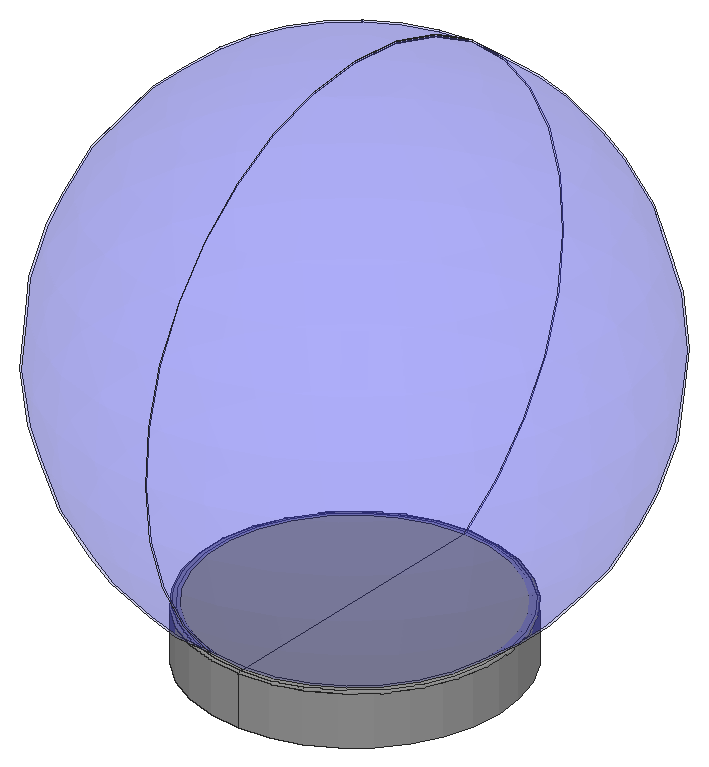
Revit family "50539_BEGA_Revit", category Lighting Fixtures, host Face, Revit 2018
Family settings
  Host = Face
  Round Connector Dimension = Use Diameter
  Part Type = Normal
  Cut with Voids When Loaded = Yes
  Light Source = Yes
  Shared = No
  Room Calculation Point = No
Parameters (values of type "Ceiling and wall luminaire")
  Wattage = 13.3296 W
  built-in parameter 1150110 = 1 (stored number, unit not read)
  URL = "www.bega-us.com"
  built-in parameter 1114217 = 1 (stored number, unit not read)
  Tilt Angle = 180.00°
  built-in parameter 1150109 = 1 (stored number, unit not read)
  built-in parameter 1150134 = 12
  Telephone = "805.684.0533"
  built-in parameter 1150113 = 1 (stored number, unit not read)
  Photometric Web File = "50539K4_BEGA_IES.ies"
  Model = "50539"
  Manufacturer = "BEGA-US"
  built-in parameter 1150105 = 157.56 (stored number, unit not read)
  Lumens = 1980 lm
  built-in parameter 1150115 = 1 (stored number, unit not read)
  built-in parameter 1150137 = (empty or 0)
  built-in parameter 1150139 = (empty or 0)
  built-in parameter 1150112 = 1 (stored number, unit not read)
  built-in parameter 1150114 = 1 (stored number, unit not read)
  Lamp = "8.4W LED"
  built-in parameter 1150132 = 2
  built-in parameter 1150102 = (empty or 0)
  built-in parameter 1150107 = 4000 (stored number, unit not read)
  built-in parameter 1150138 = (empty or 0)
  built-in parameter 1150106 = 1.5756 (stored number, unit not read)
  built-in parameter 1150104 = 13.8 (stored number, unit not read)
  Dimming Lamp Color Temperature Shift = <None>
  Description = "LED ceiling and wall luminaires - impact resistant"
  Default Elevation = 6' - 0"
  Color Filter = 16777215
  built-in parameter 1114218 = 1 (stored number, unit not read)
  built-in parameter 1150133 = 10 (stored number, unit not read)
Types (5): name | Wattage | Tilt Angle | built-in parameter 1150134 | Photometric Web File | Model | built-in parameter 1150105 | Lumens | Lamp | built-in parameter 1150107 | built-in parameter 1150106 | Description
  (no name) | 13.3296 W | 180.00° | 12 | "50539K4_BEGA_IES.ies" | "50539" | 157.56 (stored number, unit not read) | 1980 lm | "8.4W LED" | 4000 (stored number, unit not read) | 1.5756 (stored number, unit not read) | "LED ceiling and wall luminaires - impact resistant"
  Wall Luminaires - Directed Light | 18.4392 W | 90.00° | (empty or 0) | "generic" | "2260LED" | 217.96 (stored number, unit not read) | 2739 lm | "44.6W LED" | 3000 (stored number, unit not read) | 2.1796 (stored number, unit not read) | "Surface wall with cutoff optics"
  Wall Luminaires - Linear | 9.92985 W | 90.00° | 9 | "generic" | "4425P" | 117.38 (stored number, unit not read) | 1475 lm | "(1) 39W CF twin-4-p" | 3450 (stored number, unit not read) | 1.1738 (stored number, unit not read) | "Suface wall - linear with white acrylic diffuser"
  Ceiling and Wall Luminaires - Unshielded | 2.66591 W | 90.00° | (empty or 0) | "33508.ies" | "33 508" | 31.513 (stored number, unit not read) | 396 lm | "8.4W LED" | 3000 (stored number, unit not read) | 0.31513 (stored number, unit not read) | "LED ceiling and wall luminaires - impact resistant"
  Ceiling and wall luminaire | 13.3296 W | 180.00° | 12 | "50539K4_BEGA_IES.ies" | "50539" | 157.56 (stored number, unit not read) | 1980 lm | "8.4W LED" | 4000 (stored number, unit not read) | 1.5756 (stored number, unit not read) | "LED ceiling and wall luminaires - impact resistant"
Reference planes (in)
  plane 1 "Center (Front/Back)": y = 0
  plane 2: z = 0
  plane 3 "Center (Left/Right)": x = 0
Dimensions and locks (in)
  aligned and locked: plane 2 to host face
  aligned and locked: level to host face
Nested families (in)
  nested 1: "Generic Model_2020" at (0, 0, 0), type "Generic Model_2020"
Connectors (in)
  electrical at (0, 0, 0)
    settings: on host face, index 1, voltage 0 V, apparent load 0 VA, apparent load phase1 0 VA, apparent load phase2 0 VA, apparent load phase3 0 VA, power factor 1, load classification "Other", number of poles 1, system type 31, power factor state 1, is connector primary yes, connector utility no, sub classification motor no, connector description ""
Definition of nested family "Generic Model_2020"
  Parameters (values of type "Generic Model_2020")
    Default Elevation = 4' - 0"
  Reference planes (in)
    plane 1 "Center (Front/Back)": y = 0
    plane 2: z = 0
    plane 3 "Center (Left/Right)": x = 0
  Forms (in)
    Extrusion 1, solid
      sketch origin (0, 0, 0) x (1, 0, 0) y (0, 1, 0)
        loop
          line (-48, 48) -> (-48, -48) -> (48, -48) -> (48, 48) -> (-48, 48)
      from 0 to -12
    Revolve 2, solid
      sketch origin (0, 0, 0) x (0, 1, 0) y (0, 0, 1)
        loop
          line (0, 10.03) -> (0, 9.99875)
          arc (0, 9.99875) -> (4.70508, 6.44014) -> (2.56172, 0.944) r 4.88975
          line (2.56172, 0.944) -> (2.62088, 0.944)
          arc (2.62088, 0.944) -> (4.72822, 6.47287) -> (0, 10.03) r 4.921
        axis (0, 0.944) -> (0, 10.03)
      angle from 0 to 360
    Revolve 3, solid
      sketch origin (0, 0, 0) x (0, 1, 0) y (0, 0, 1)
        loop
          line (0, 0) -> (2.7185, 0) -> (2.7185, 0.90924)
          arc (2.7185, 0.90924) -> (2.70832, 0.93382) -> (2.68374, 0.944) r 0.03476
          line (2.68374, 0.944) -> (0, 0.944) -> (0, 0)
        axis (0, 0) -> (0, 0.944)
      angle from 0 to 360
  Dimensions and locks (in)
    aligned and locked: plane 2 to Extrusion 1
    aligned and locked: level to Extrusion 1
